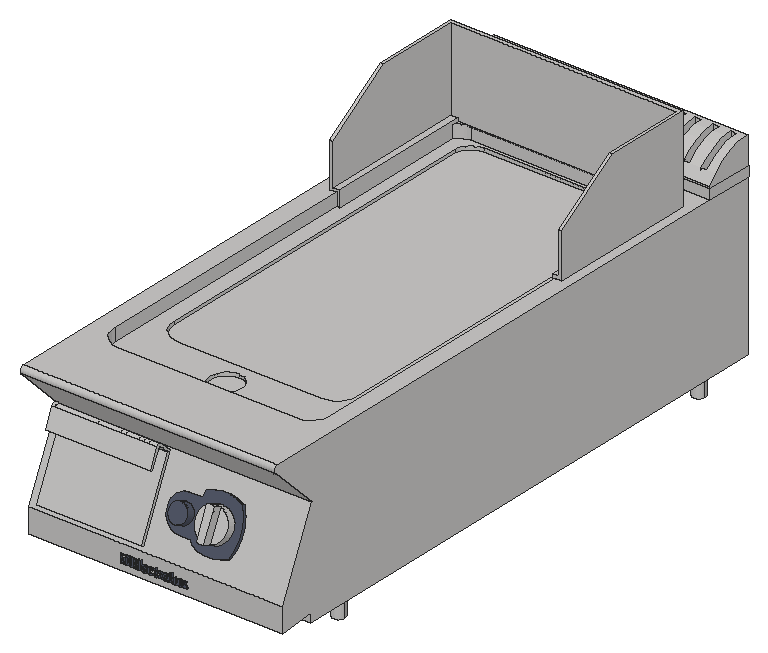
Revit family "QF_ELECTROLUXPROFESSIONAL_391402_E9IINAAOMCA", category Specialty Equipment, Revit 2018 (continued)
Automatic sketch dimensions
  Extrusion 21 sketch curve to plane 7 "Center Y" = 9.346 mm
  Extrusion 21 sketch curve to Extrusion 21 sketch curve = 9.296 mm
  plane 1 "BACK" to Extrusion 21 sketch curve = 6.761 mm
  Extrusion 21 sketch curve to plane 11 = 19.089 mm
  plane 1 "BACK" to Extrusion 22 sketch curve = 6.761 mm
  plane 12 to Extrusion 22 sketch curve = 17.43 mm
  Extrusion 22 sketch curve to Extrusion 22 sketch curve = 9.296 mm
  Extrusion 22 sketch curve to plane 11 = 19.089 mm
  Extrusion 23 sketch curve to plane 12 = 10.559 mm
  Extrusion 23 sketch curve to plane 12 = 1.263 mm
  plane 1 "BACK" to Extrusion 23 sketch curve = 6.761 mm
  Extrusion 23 sketch curve to plane 11 = 19.089 mm
  plane 1 "BACK" to Extrusion 24 sketch curve = 6.761 mm
  plane 7 "Center Y" to Extrusion 24 sketch curve = 50.737 mm
  Extrusion 24 sketch curve to Extrusion 24 sketch curve = 9.296 mm
  Extrusion 24 sketch curve to plane 11 = 19.089 mm
  plane 1 "BACK" to Extrusion 25 sketch curve = 6.761 mm
  plane 12 to Extrusion 25 sketch curve = 69.275 mm
  Extrusion 25 sketch curve to Extrusion 25 sketch curve = 9.296 mm
  Extrusion 25 sketch curve to plane 11 = 19.089 mm
  plane 1 "BACK" to Extrusion 26 sketch curve = 6.761 mm
  plane 12 to Extrusion 26 sketch curve = 41.311 mm
  Extrusion 26 sketch curve to Extrusion 26 sketch curve = 9.296 mm
  Extrusion 26 sketch curve to plane 11 = 19.089 mm
  plane 1 "BACK" to Extrusion 27 sketch curve = 6.761 mm
  plane 7 "Center Y" to Extrusion 27 sketch curve = 22.749 mm
  Extrusion 27 sketch curve to Extrusion 27 sketch curve = 9.296 mm
  Extrusion 27 sketch curve to plane 11 = 19.089 mm
  Split face 1 sketch curve to Split face 1 sketch curve = 11.575 mm
  Split face 1 sketch curve to Split face 1 sketch curve = 2 mm
  Extrusion 30 sketch curve to Extrusion 2 = 0 mm  (x2)
  Extrusion 2 to Extrusion 30 sketch curve = 5 mm  (x2)
  Extrusion 2 to Extrusion 30 sketch curve = 15 mm
  Extrusion 30 sketch curve to Extrusion 30 sketch curve = 130 mm  (x2)
  Extrusion 2 to Extrusion 30 sketch curve = 20 mm
  Extrusion 30 sketch curve to Extrusion 2 = 19.6 mm  (x2)
  Extrusion 30 sketch curve to Extrusion 30 sketch curve = 5 mm  (x5)
  Extrusion 30 sketch curve to Extrusion 30 sketch curve = 15 mm
  Extrusion 31 sketch curve to Extrusion 30 = 0 mm  (x2)
  Extrusion 31 sketch curve to Extrusion 30 = 65 mm
  Extrusion 31 sketch curve to Extrusion 30 = 100.091 mm
  Extrusion 32 sketch curve to Extrusion 30 = 0 mm
  Extrusion 30 to Extrusion 32 sketch curve = 0 mm
  Extrusion 30 to Extrusion 32 sketch curve = 65 mm
  Extrusion 30 to Extrusion 32 sketch curve = 100.091 mm
  Extrusion 33 sketch curve to Extrusion 30 = 0 mm  (x4)
  plane 1 "BACK" to curve 16 = 0 mm
  plane 16 to curve 86 = 0 mm
  curve 81 to plane 12 = 0 mm
  plane 16 to curve 76 = 0 mm
  curve 11 to plane 3 "LEFT" = 0 mm
  curve 4 to plane 3 "LEFT" = 0 mm
  curve 66 to plane 12 = 1.263 mm
  curve 66 to curve 66 = 9.296 mm
  curve 86 to plane 12 = 22.05 mm
  curve 10 to plane 10 = 1.851 mm
  curve 10 to plane 4 "RIGHT" = 24.95 mm
  curve 70 to curve 65 = 18.693 mm
  curve 74 to plane 4 "RIGHT" = 14.95 mm
  curve 70 to curve 70 = 9.296 mm
  plane 4 "RIGHT" to curve 4 = 0.05 mm
  plane 4 "RIGHT" to curve 11 = 0.05 mm
  plane 4 "RIGHT" to curve 3 = 100.069 mm
  plane 12 to curve 9 = 3.686 mm
  plane 1 "BACK" to curve 64 = 6.761 mm
  plane 12 to curve 64 = 17.43 mm
  plane 12 to curve 79 = 25.4 mm
  curve 61 to curve 64 = 9.296 mm
  plane 12 to curve 82 = 30.736 mm
  plane 1 "BACK" to curve 60 = 6.761 mm
  curve 63 to curve 60 = 14.586 mm
  curve 57 to curve 59 = 9.296 mm
  plane 1 "BACK" to curve 56 = 6.761 mm
  curve 59 to curve 56 = 18.668 mm
  curve 53 to curve 55 = 9.296 mm
  plane 1 "BACK" to curve 52 = 6.761 mm
  curve 55 to curve 52 = 18.693 mm
  curve 49 to curve 51 = 9.296 mm
  plane 1 "BACK" to curve 48 = 6.761 mm
  curve 51 to curve 48 = 18.693 mm
  curve 45 to curve 48 = 9.296 mm
  curve 41 to plane 7 "Center Y" = 9.346 mm
  curve 41 to curve 43 = 9.296 mm
  curve 15 to plane 7 "Center Y" = 22.2 mm
  plane 1 "BACK" to curve 37 = 6.761 mm
  curve 43 to curve 37 = 18.693 mm
  curve 37 to curve 38 = 9.296 mm
  plane 1 "BACK" to curve 36 = 6.761 mm
  curve 39 to curve 36 = 18.693 mm
  curve 33 to curve 35 = 9.296 mm
  plane 1 "BACK" to curve 29 = 6.761 mm
  curve 35 to curve 29 = 18.693 mm
  curve 29 to curve 32 = 9.296 mm
  curve 83 to plane 10 = 56.115 mm
  plane 3 "LEFT" to curve 83 = 92.523 mm
  plane 3 "LEFT" to curve 78 = 80.4 mm
  curve 30 to curve 25 = 18.668 mm
  curve 25 to curve 27 = 9.296 mm
  plane 3 "LEFT" to curve 12 = 67.523 mm
  curve 78 to curve 85 = 25.4 mm
  plane 1 "BACK" to curve 21 = 6.761 mm
  curve 27 to curve 21 = 18.693 mm
  curve 21 to curve 23 = 9.296 mm
  plane 3 "LEFT" to curve 76 = 35 mm
  curve 8 to plane 10 = 8.638 mm
  plane 1 "BACK" to curve 17 = 6.761 mm
  curve 23 to curve 17 = 18.693 mm
  plane 3 "LEFT" to curve 73 = 20 mm
  curve 17 to curve 19 = 9.296 mm
  plane 5 "FRONT" to curve 13 = 0.25 mm
  curve 13 to curve 5 = 12.7 mm
  curve 1 to plane 3 "LEFT" = 100.019 mm
  curve 1 to plane 1 "BACK" = 100.019 mm
  plane 1 "BACK" to curve 68 = 6.761 mm
  plane 1 "BACK" to curve 69 = 6.761 mm
  plane 1 "BACK" to curve 44 = 6.761 mm
  plane 1 "BACK" to curve 25 = 6.761 mm
  curve 31 to plane 11 = 19.089 mm
  curve 33 to plane 11 = 19.089 mm
  curve 27 to plane 11 = 19.089 mm
  curve 37 to plane 11 = 19.089 mm
  curve 23 to plane 11 = 19.089 mm
  curve 41 to plane 11 = 19.089 mm
  curve 19 to plane 11 = 19.089 mm
  curve 45 to plane 11 = 19.089 mm
  curve 62 to plane 11 = 19.089 mm
  curve 49 to plane 11 = 19.089 mm
  curve 65 to plane 11 = 19.089 mm
  curve 65 to curve 71 = 0 mm
  curve 53 to plane 11 = 19.089 mm
  curve 57 to curve 62 = 0 mm
  curve 4 to plane 11 = 7.988 mm
  plane 11 to curve 74 = 27 mm
  plane 11 to curve 79 = 37.362 mm
  curve 15 to curve 15 = 114.75 mm
  curve 1 to plane 13 = 115 mm
  curve 3 to plane 13 = 115 mm
  curve 75 to curve 87 = 5 mm
  curve 89 to curve 73 = 5 mm
  curve 73 to curve 89 = 5 mm
  Extrusion 3 sketch curve to plane 10 = 1.851 mm
  Extrusion 3 sketch curve to plane 4 "RIGHT" = 24.95 mm
  Extrusion 3 sketch curve to plane 12 = 1.65 mm
  plane 12 to Extrusion 3 sketch curve = 3.686 mm
  Extrusion 3 sketch curve to plane 10 = 8.638 mm
  plane 3 "LEFT" to Extrusion 3 sketch curve = 67.523 mm
  Extrusion 3 sketch curve to Extrusion 3 sketch curve = 25.4 mm
  plane 11 to Extrusion 3 sketch curve = 57.4 mm
  curve 91 to plane 12 = 1.65 mm
  curve 92 to curve 88 = 20.4 mm
  curve 92 to curve 92 = 20.4 mm
  curve 74 to curve 86 = 5 mm
  curve 92 to curve 78 = 5.362 mm
  curve 91 to curve 86 = 0 mm
  curve 86 to curve 91 = 10.267 mm
  curve 88 to curve 92 = 10.267 mm
  Extrusion 28 sketch curve to Extrusion 3 = 5.362 mm
  Extrusion 28 sketch curve to Extrusion 28 sketch curve = 25.4 mm
  Extrusion 28 sketch curve to Extrusion 3 = 30.762 mm
  Extrusion 28 sketch curve to Extrusion 3 = 25 mm
  Extrusion 28 sketch curve to Extrusion 3 = 122.523 mm
  Extrusion 28 sketch curve to Extrusion 3 = 27.05 mm
  Extrusion 28 sketch curve to Extrusion 3 = 115.736 mm
  Extrusion 28 sketch curve to Extrusion 28 sketch curve = 37.523 mm
  Extrusion 28 sketch curve to Extrusion 28 sketch curve = 107.477 mm
  Extrusion 28 sketch curve to Extrusion 3 = 44.885 mm
  curve 93 to curve 94 = 0 mm  (x2)
  curve 94 to plane 7 "Center Y" = 0 mm
  curve 94 to plane 10 = 41 mm
  curve 94 to plane 10 = 16 mm
  radius of Extrusion 4 sketch curve = 9.525 mm  (x4)
  radius of Extrusion 6 sketch curve = 25.4 mm
  radius of Extrusion 7 sketch curve to Extrusion 6 = 0 mm  (x2)
  radius of Extrusion 11 sketch curve = 6.4 mm
  radius of Extrusion 29 sketch curve = 15 mm
  radius of Extrusion 28 sketch curve = 25 mm
Connectors
  piping at (348.05, -666, 6), diameter 12.8
    settings: on Extrusion 11, index 1, connector inside diameter 0.50394", connector length 0 mm, flow factor 0, pipe flow 0 GPM, pressure drop 0.00 psi, fitting loss kfactor 0, connector angle 0.00°, fixture units 0, engagement length 0 mm, angle of deflection 0.00°, flow configuration 1, flow direction 1, fitting loss method 0, system type 7, joint type 0, gender type 0, connector reference index -1, connector utility 0, adjustable connector no, is connector primary yes, connector description "GAS CONNECTION"
